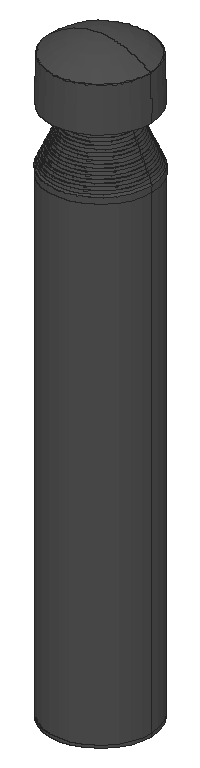
Revit family "0047943 Sylvania Lighting Fixture START Bollard L IP65 1100lm 840 BLK", category Lighting Fixtures, host Face, Revit 2016
Family settings
  Host = Face
  Part Type = Normal
  Round Connector Dimension = Use Diameter
  OmniClass Number = 23.80.70.00
  OmniClass Title = Lighting
  Cut with Voids When Loaded = No
  Light Source = Yes
  Shared = No
  Room Calculation Point = No
Parameters (values of type "0047943 ST BLLRD L IP65 1100LM 840 BLK")
  Weight = "6.5 kg"
  Wattage Comments = ""
  Wattage = 25.82 W
  WarrantyStartDate [instance] = "n/a"
  WarrantyGuarantorParts = "n/a"
  WarrantyDurationUnit = "n/a"
  WarrantyDurationParts = "n/a"
  WarrantyDescription = "n/a"
  built-in parameter 1150110 = 1 (stored number, unit not read)
  Voltage = 0 V
  URL = "http://www.sylvania-lighting.com"
  TypeName = "START Bollard L IP65 1100lm 840 BLK"
  Type Image = <None>
  Type Comments = "n/a"
  built-in parameter 1114217 = 1 (stored number, unit not read)
  Tilt Angle = 90.00°
  built-in parameter 1150109 = 1 (stored number, unit not read)
  built-in parameter 1150134 = 12
  built-in parameter 1150113 = 1 (stored number, unit not read)
  SerialNumber [instance] = "n/a"
  Photometric Web File = "0047943.ies"
  Material_3_FEILO = none
  PowerFactor = 0
  PowerConsumption = "25.82 W"
  NominalLength = 168 mm
  NominalHeight = 1000 mm
  NominalDepth = 168 mm
  Name = "START Bollard L IP65 1100lm 840 BLK"
  ModelReference = Name  # "START Bollard L IP65 1100lm 840 BLK"
  ModelNumber = "0047943"
  Model = Name  # "START Bollard L IP65 1100lm 840 BLK"
  Material = "n/a"
  ManufacturerName = "Feilo Sylvania"
  Manufacturer = "Feilo Sylvania"
  LuminousEfficacy = "42.42 lm/W"
  built-in parameter 1150105 = 313.92 (stored number, unit not read)
  Lumens = 1095.28 lm
  LuminaireType = ""
  built-in parameter 1150115 = 1 (stored number, unit not read)
  LightOutputRatio = "n/a"
  built-in parameter 1150137 = (empty or 0)
  built-in parameter 1150139 = (empty or 0)
  LampsType = Lamp  # "LED"
  LampNominalLuminous = "n/a"
  LampMacAdamStep = "n/a"
  LampColourTemperature = "4000 K"
  LampColourRenderingIndex = "80"
  built-in parameter 1150112 = 1 (stored number, unit not read)
  built-in parameter 1150114 = 1 (stored number, unit not read)
  Lamp = "LED"
  Keynote = "16500"
  InstallationDate [instance] = "n/a"
  InputVoltage = "220-240V~"
  InputNominalFrequency = "50/60 Hz"
  built-in parameter 1150132 = (empty or 0)
  built-in parameter 1150102 = (empty or 0)
  built-in parameter 1150107 = 4000 (stored number, unit not read)
  built-in parameter 1150138 = (empty or 0)
  IngressProtection = "IK10"
  ImpactProtectionIndex = "IP65"
  built-in parameter 1150106 = 3.1392 (stored number, unit not read)
  IfcExportType = "IfcLightFixtureType"
  IfcExportAs = "IfcLightFixtureType"
  Height_SYL = 1000 mm
  ExpectedLife = 50000
  built-in parameter 1150129 = 120 mm
  Emit Shape Visible in Rendering = no
  ElectricShockClassification = "Class I"
  built-in parameter 1150104 = 3.9409 (stored number, unit not read)
  DurationUnit = "hours"
  DocumentationLiterature = "http://www.sylvania-lighting.com/product/en-int/products/0047943"
  DimmingControlOptions = "Non dimmable"
  Material_2_FEILO = Diffuser-Sylvania-StartBollardIP65
  Dimming Lamp Color Temperature Shift = <None>
  Description = "0"
  Default Elevation = 1219.2 mm
  CreatedOn = "9/20/2018"
  CreatedBy = "@sylvania-lighting.com"
  Cost = 0
  Color Filter = 16777215
  built-in parameter 1114216 [instance] = (empty or 0)
  ClassificationValue = "EF_70_80"
  ClassificationName = "Uniclass2015"
  Material_1_FEILO = Body-Sylvania-StartBollardIP65
  BarCode [instance] = "n/a"
  built-in parameter 1114218 = 1 (stored number, unit not read)
  Emit from Circle Diameter = 3048 mm
  AssetType = "Fixed"
  AssetIdentifier [instance] = "n/a"
  Assembly Code = "D5020200"
  Apparent Load = 25.82 VA
  Material_4_FEILO = none
Reference planes
  plane 1 "Center (Front/Back)": y = 0
  plane 2: z = 0
  plane 3 "Center (Left/Right)": x = 0
  plane 4: z = 5
  plane 5: x = -83.65
  plane 6: z = 1000
  plane 7: z = 797
  plane 8: z = 807
  plane 9: x = -84.5
  plane 10: z = 810.3
  plane 11: x = -82.2
  plane 12: z = 814.7
  plane 13: z = 819.1
  plane 14: z = 823.5
  plane 15: z = 827.9
  plane 16: z = 832.3
  plane 17: z = 836.7
  plane 18: z = 841.1
  plane 19: z = 845.5
  plane 20: z = 849.9
  plane 21: z = 854.3
  plane 22: z = 858.7
  plane 23: z = 863.1
  plane 24: z = 867.5
  plane 25: z = 871.9
  plane 26: z = 876.3
  plane 27: z = 880.7
  plane 28: z = 885.1
  plane 29: z = 889.5
  plane 30: z = 893.9
  plane 31: z = 898.3
  plane 32: x = -81.2
  plane 33: x = -80.2
  plane 34: x = -79.2
  plane 35: x = -78.2
  plane 36: x = -77.2
  plane 37: x = -76.2
  plane 38: x = -75.2
  plane 39: x = -74.2
  plane 40: x = -73.2
  plane 41: x = -72.2
  plane 42: x = -71.2
  plane 43: x = -70.2
  plane 44: x = -69.2
  plane 45: x = -68.2
  plane 46: x = -67.2
  plane 47: x = -66.2
  plane 48: x = -65.2
  plane 49: x = -64.2
  plane 50: x = -63.2
  plane 51: x = -62.2
  plane 52: x = -61.2
  plane 53: x = -60.2
  plane 54: x = -59.2
  plane 55: x = -58.2
  plane 56: x = -57.2
  plane 57: x = -56.2
  plane 58: x = -55.2
  plane 59: x = -54.2
  plane 60: x = -53.2
  plane 61: x = -52.2
  plane 62: x = -51.2
  plane 63: x = -50.2
  plane 64: x = -49.2
  plane 65: x = -48.2
  plane 66: x = -47.2
  plane 67: x = -46.2
  plane 68: x = -45.2
  plane 69: x = -44.2
  plane 70: x = -43.2
  plane 71: x = -42.2
  plane 72: z = 970
  plane 73: z = 970.85
  plane 74: z = 928.3
  plane 75: z = 901.3
Forms (mm)
  Revolve 1, solid, material "Body-Sylvania-StartBollardIP65" <- "Material_1_FEILO"
    sketch origin (0, 0, 0) x (1, 0, 0) y (0, 0, 1)
      loop
        line (0, 5) -> (-83.65, 5) -> (-83.65, 0) -> (0, 0) -> (0, 5)
      axis (0, 5) -> (0, 0)
    angle from 360 to 0
  Revolve 2, solid, material "Body-Sylvania-StartBollardIP65" <- "Material_1_FEILO"
    sketch origin (0, 0, 0) x (1, 0, 0) y (0, 0, 1)
      loop
        line (0, 5) -> (0, 807) -> (-84.5, 807) -> (-84.5, 797) -> (-83.65, 797) -> (-83.65, 5) -> (0, 5)
      axis (0, 807) -> (0, 5)
    angle from 360 to 0
  Revolve 3, solid, material "Body-Sylvania-StartBollardIP65" <- "Material_1_FEILO", detail levels medium+fine
    sketch origin (0, 0, 0) x (1, 0, 0) y (0, 0, 1)
      loop
        line (-84.5, 807) -> (0, 807) -> (0, 928.3) -> (-43.2, 928.3) -> (-43.2, 898.3) -> (-44.2, 893.9) -> (-45.2, 893.9) -> (-46.2, 889.5) -> (-47.2, 889.5) -> (-48.2, 885.1) -> (-49.2, 885.1) -> (-50.2, 880.7) -> (-51.2, 880.7) -> (-52.2, 876.3) -> (-53.2, 876.3) -> (-54.2, 871.9) -> (-55.2, 871.9) -> (-56.2, 867.5) -> (-57.2, 867.5) -> (-58.2, 863.1) -> (-59.2, 863.1) -> (-60.2, 858.7) -> (-61.2, 858.7) -> (-62.2, 854.3) -> (-63.2, 854.3) -> (-64.2, 849.9) -> (-65.2, 849.9) -> (-66.2, 845.5) -> (-67.2, 845.5) -> (-68.2, 841.1) -> (-69.2, 841.1) -> (-70.2, 836.7) -> (-71.2, 836.7) -> (-72.2, 832.3) -> (-73.2, 832.3) -> (-74.2, 827.9) -> (-75.2, 827.9) -> (-76.2, 823.5) -> (-77.2, 823.5) -> (-78.2, 819.1) -> (-79.2, 819.1) -> (-80.2, 814.7) -> (-81.2, 814.7) -> (-82.2, 810.3) -> (-84.5, 807)
      axis (0, 928.3) -> (0, 807)
    angle from 360 to 0
  Revolve 4, solid, material "Body-Sylvania-StartBollardIP65" <- "Material_1_FEILO"
    sketch origin (0, 0, 0) x (1, 0, 0) y (0, 0, 1)
      loop
        line (-83.65, 898.3) -> (-80.2, 898.3) -> (-80.2, 928.3) -> (0, 928.3) -> (0, 1000)
        arc (0, 1000) -> (-43.385, 992.494) -> (-81.727, 970.85) r 129.142
        arc (-81.727, 970.85) -> (-82.074, 970.486) -> (-82.2, 970) r 1
        line (-82.2, 970) -> (-83.65, 898.3)
      axis (0, 1000) -> (0, 898.3)
    angle from 360 to 0
  Revolve 5, solid, material "Body-Sylvania-StartBollardIP65" <- "Material_1_FEILO", detail levels coarse
    sketch origin (0, 0, 0) x (1, 0, 0) y (0, 0, 1)
      loop
        line (0, 807) -> (0, 928.3) -> (-43.2, 928.3) -> (-43.2, 898.3) -> (-84.5, 807) -> (0, 807)
      axis (0, 928.3) -> (0, 807)
    angle from 360 to 0
  Revolve 6, solid, material "Diffuser-Sylvania-StartBollardIP65" <- "Material_2_FEILO"
    sketch origin (0, 0, 0) x (1, 0, 0) y (0, 0, 1)
      loop
        line (-80.2, 901.3) -> (-80.2, 898.3) -> (-43.2, 898.3) -> (-43.2, 901.3) -> (-80.2, 901.3)
      axis (0, 901.3) -> (0, 898.3)
    angle from 360 to 0
Dimensions and locks
  locked: plane 4 to plane 2 at 5
  plane 3 "Center (Left/Right)" to plane 5 = 83.65 mm
  "Height_SYL": plane 6 to plane 2
  locked: plane 3 "Center (Left/Right)" to plane 9 at 84.5
  plane 3 "Center (Left/Right)" to plane 11 = 82.2 mm
  locked: plane 11 to plane 9 at 2.3
  plane 10 to plane 8 to plane 7 = 3.3 mm locked, 10 mm locked
  plane 5 to plane 9 = 0.85 mm
  equal spacing: plane 31, plane 30, plane 29, plane 28, plane 27, plane 26, plane 25, plane 24, plane 23, plane 22, plane 21, plane 20, plane 19, plane 18, plane 17, plane 16, plane 15, plane 14, plane 13, plane 12, plane 10, locked at 4.4 each
  locked: plane 31 to plane 8 at 91.3
  equal spacing: plane 67, plane 66, plane 65, plane 64, plane 63, plane 62, plane 61, plane 60, plane 59, plane 58, plane 57, plane 56, plane 55, plane 54, plane 53, plane 52, plane 51, plane 50, plane 49, plane 48, plane 47, plane 46, plane 45, plane 44, plane 43, plane 42, plane 41, plane 40, plane 39, plane 38, plane 37, plane 36, plane 35, plane 34, plane 33, plane 32, plane 11
  equal spacing: plane 70, plane 69, plane 68, plane 67
  locked: plane 71 to plane 70 at 1
  locked: plane 67 to plane 11 at 36
  locked: plane 70 to plane 67 at 3
  locked: plane 6 to plane 72 at 30
  locked: plane 73 to plane 72 at 0.85
  locked: plane 74 to plane 31 at 30
  locked: plane 75 to plane 31 at 3
  locked: plane 6 to plane 7 at 203
  aligned and locked: plane 2 to host face
  aligned and locked: level to host face
  aligned and locked: Revolve 1 sketch curve to plane 3 "Center (Left/Right)"
  aligned and locked: plane 4 to Revolve 1 sketch curve
  aligned and locked: plane 3 "Center (Left/Right)" to Revolve 1 sketch curve
  aligned and locked: Revolve 1 sketch curve to level
  aligned and locked: Revolve 1 sketch curve to plane 5
  aligned and locked: Revolve 2 sketch curve to plane 3 "Center (Left/Right)"  (x2)
  aligned and locked: plane 3 "Center (Left/Right)" to Revolve 2 sketch curve
  aligned and locked: Revolve 2 sketch curve to Revolve 1  (x2)
  aligned and locked: plane 8 to Revolve 2 sketch curve
  aligned and locked: plane 9 to Revolve 2 sketch curve
  aligned and locked: Revolve 3 sketch curve to Revolve 2  (x2)
  aligned and locked: plane 11 to Revolve 3 sketch curve
  aligned and locked: plane 12 to Revolve 3 sketch curve
  aligned and locked: plane 34 to Revolve 3 sketch curve
  aligned and locked: Revolve 3 sketch curve to plane 13
  aligned and locked: plane 14 to Revolve 3 sketch curve
  aligned and locked: plane 15 to Revolve 3 sketch curve
  aligned and locked: plane 16 to Revolve 3 sketch curve
  aligned and locked: plane 41 to Revolve 3 sketch curve
  aligned and locked: plane 42 to Revolve 3 sketch curve
  aligned and locked: plane 43 to Revolve 3 sketch curve
  aligned and locked: Revolve 3 sketch curve to plane 17
  aligned and locked: plane 44 to Revolve 3 sketch curve
  aligned and locked: Revolve 3 sketch curve to plane 18
  aligned and locked: plane 19 to Revolve 3 sketch curve
  aligned and locked: plane 47 to Revolve 3 sketch curve
  aligned and locked: plane 48 to Revolve 3 sketch curve
  aligned and locked: plane 50 to Revolve 3 sketch curve
  aligned and locked: plane 51 to Revolve 3 sketch curve
  aligned and locked: plane 52 to Revolve 3 sketch curve
  aligned and locked: Revolve 3 sketch curve to plane 22
  aligned and locked: plane 23 to Revolve 3 sketch curve
  aligned and locked: plane 24 to Revolve 3 sketch curve
  aligned and locked: plane 25 to Revolve 3 sketch curve
  aligned and locked: plane 60 to Revolve 3 sketch curve
  aligned and locked: plane 61 to Revolve 3 sketch curve
  aligned and locked: Revolve 3 sketch curve to plane 26
  aligned and locked: plane 27 to Revolve 3 sketch curve
  aligned and locked: plane 64 to Revolve 3 sketch curve
  aligned and locked: plane 65 to Revolve 3 sketch curve
  aligned and locked: Revolve 3 sketch curve to plane 28
  aligned and locked: plane 66 to Revolve 3 sketch curve
  aligned and locked: plane 67 to Revolve 3 sketch curve
  aligned and locked: Revolve 3 sketch curve to plane 29
  aligned and locked: plane 30 to Revolve 3 sketch curve
  aligned and locked: plane 70 to Revolve 3 sketch curve
  aligned and locked: Revolve 2 to Revolve 3 sketch curve
  aligned and locked: Revolve 3 sketch curve to plane 3 "Center (Left/Right)"  (x2)
  aligned and locked: Revolve 4 sketch curve to plane 3 "Center (Left/Right)"  (x2)
  aligned and locked: plane 11 to Revolve 4 sketch curve
  aligned and locked: plane 73 to Revolve 4 sketch curve
  aligned and locked: Revolve 5 sketch curve to plane 3 "Center (Left/Right)"
  aligned and locked: plane 3 "Center (Left/Right)" to Revolve 5 sketch curve  (x2)
  aligned and locked: Revolve 5 sketch curve to Revolve 2  (x2)
  aligned and locked: plane 3 "Center (Left/Right)" to imposter light
  aligned and locked: plane 31 to imposter light
  aligned and locked: imposter light to plane 1 "Center (Front/Back)"
  aligned and locked: Revolve 3 sketch curve to plane 74
  aligned and locked: plane 74 to Revolve 5 sketch curve
  aligned and locked: Revolve 5 sketch curve to Revolve 3  (x2)
  aligned and locked: Revolve 4 sketch curve to plane 31
  aligned and locked: plane 33 to Revolve 4 sketch curve
  aligned and locked: Revolve 4 sketch curve to plane 74
  aligned and locked: Revolve 6 sketch curve to plane 3 "Center (Left/Right)"
  aligned and locked: Revolve 6 sketch curve to plane 75
  aligned and locked: plane 33 to Revolve 6 sketch curve
  aligned and locked: Revolve 6 sketch curve to Revolve 3  (x2)
Automatic sketch dimensions
  host sketch curve to host sketch curve = 2438.4 mm  (x2)
  Revolve 1 sketch curve to level = 609.6 mm
  plane 6 to Revolve 1 sketch curve = 1609.058 mm
  Revolve 2 sketch curve to plane 7 = 0 mm
  Revolve 2 sketch curve to level = 609.6 mm
  plane 6 to Revolve 2 sketch curve = 1609.058 mm
  Revolve 3 sketch curve to plane 32 = 0 mm
  Revolve 3 sketch curve to plane 33 = 0 mm
  Revolve 3 sketch curve to plane 35 = 0 mm
  Revolve 3 sketch curve to plane 36 = 0 mm
  Revolve 3 sketch curve to plane 37 = 0 mm
  Revolve 3 sketch curve to plane 38 = 0 mm
  Revolve 3 sketch curve to plane 39 = 0 mm
  Revolve 3 sketch curve to plane 40 = 0 mm
  Revolve 3 sketch curve to plane 45 = 0 mm
  Revolve 3 sketch curve to plane 46 = 0 mm
  Revolve 3 sketch curve to plane 20 = 0 mm
  Revolve 3 sketch curve to plane 49 = 0 mm
  Revolve 3 sketch curve to plane 53 = 0 mm
  Revolve 3 sketch curve to plane 54 = 0 mm
  Revolve 3 sketch curve to plane 55 = 0 mm
  Revolve 3 sketch curve to plane 56 = 0 mm
  Revolve 3 sketch curve to plane 57 = 0 mm
  Revolve 3 sketch curve to plane 58 = 0 mm
  Revolve 3 sketch curve to plane 59 = 0 mm
  Revolve 3 sketch curve to plane 62 = 0 mm
  Revolve 3 sketch curve to plane 63 = 0 mm
  Revolve 3 sketch curve to plane 68 = 0 mm
  Revolve 3 sketch curve to plane 69 = 0 mm
  Revolve 3 sketch curve to plane 3 "Center (Left/Right)" = 0 mm
  Revolve 3 sketch curve to plane 10 = 0 mm
  Revolve 3 sketch curve to plane 21 = 0 mm
  Revolve 3 sketch curve to plane 31 = 0 mm
  Revolve 3 sketch curve to level = 609.6 mm
  plane 6 to Revolve 3 sketch curve = 1609.058 mm
  Revolve 5 sketch curve to plane 31 = 0 mm
  Revolve 5 sketch curve to level = 609.6 mm
  plane 6 to Revolve 5 sketch curve = 1609.058 mm
  Revolve 4 sketch curve to plane 5 = 0 mm
  Revolve 4 sketch curve to plane 32 = 0 mm
  Revolve 4 sketch curve to plane 72 = 0 mm
  Revolve 4 sketch curve to plane 6 = 0 mm
  Revolve 4 sketch curve to level = 609.6 mm
  Revolve 4 sketch curve to Revolve 4 sketch curve = 1609.058 mm
  Revolve 6 sketch curve to level = 609.6 mm
  plane 6 to Revolve 6 sketch curve = 1609.058 mm
Connectors
  electrical at (0, 0, 0), driven by "Apparent Load", driven by "PowerFactor", driven by "Voltage"
    settings: index 1, voltage 0 V, apparent load 25.82 VA, apparent load phase1 0 VA, apparent load phase2 0 VA, apparent load phase3 0 VA, power factor 0, load classification "Lighting", number of poles 1, system type 30, power factor state 1, is connector primary yes, connector utility no, sub classification motor no, connector description ""
